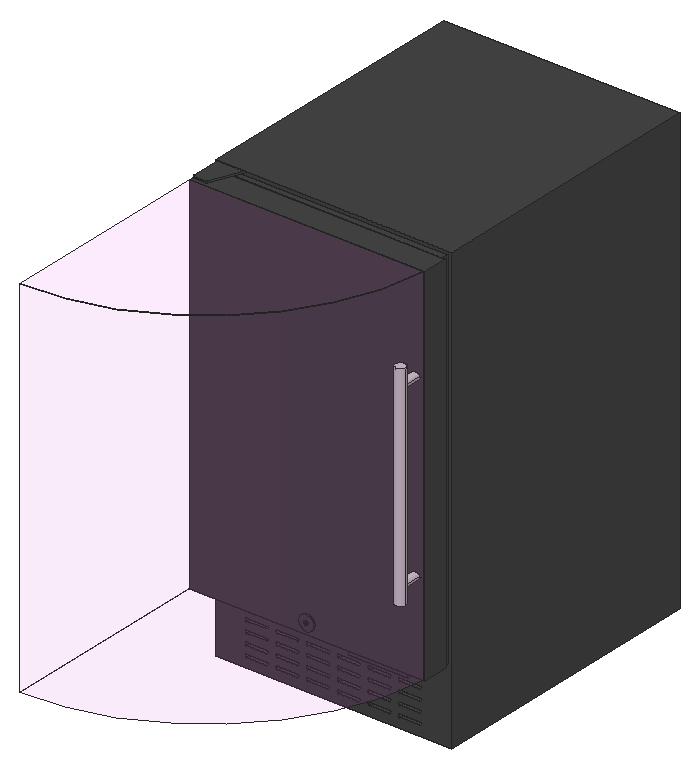
Revit family "Qf_Summit_SCFF1842_18 inches Built-In All-Freezer", category Specialty Equipment, Revit 2020
Family settings
  Round Connector Dimension = Use Diameter
  Part Type = Normal
  Work Plane-Based = No
  Always vertical = Yes
  Cut with Voids When Loaded = No
  Shared = No
  Room Calculation Point = No
Parameters
  Weight in Pounds = 82
  Watts = FL Amps * Volts  # 143.75 W
  Volts = 115 V
  URL Cutsheet = ""
  Specification by User = ""
  Specification by Manufacturer = ""
  Show RHD [instance] = yes
  Show LHD [instance] = not(Show RHD)  # no
  Show Clearance [instance] = yes
  Serial Number = ""
  Seismic Rating = ""
  SMACNA No = ""
  Revision Code = ""
  Refrigerant Volume = 0.00 kip
  Refrigerant Type = "R600a"
  Phase = 1
  Number of Poles = 1
  NAFEM Spec ID Number = ""
  Model = "SCFF1842"
  Min Ckt Ampacity = 0 A
  Max Overcurrent Protection = 0 A
  Masterspec = ""
  Manufacturer = "Summit"
  Length = 17 3/4"
  Item Number = ""
  Installed By = ""
  Identify Quantity as Lot = yes
  Height = 34 1/4"
  HP = ""
  Furnished By = ""
  Foodservice Equipment Identifier = yes
  FL Amps = 1.25 A
  Electrical Remarks = ""
  Electric Connection Type = ""
  Elec Conn RI Height = 0"
  Elec Conn Connection Height = 0"
  Description = "18\" Built-In All-Freezer"
  Depth = 24"
  Default Elevation = 0"
  Cycle = 60 Hz
  Conn Plug = ""
  Conn Conduit = yes
  CSI MasterFormat = ""
  Apparent Power = 828 VA
Reference planes (in)
  plane 1: z = 0
  plane 2 "LEFT": x = 0
  plane 3 "RIGHT": x = 17.75
  plane 4 "FRONT": y = -24.75
  plane 5 "TOP": z = 34.25
  plane 6 "Center Y": x = 8.875
  plane 7 "Center X": y = -12.75
  plane 8 "BACK": y = -0.75
  plane 9: x = 3.71343
  plane 10: x = 6.4375
  plane 11: y = -40.75
  plane 12: z = 34
  plane 13: z = 0.75
  plane 14: y = -22.25
  plane 15: y = -26.5
  plane 16: z = 6.375
Forms (in)
  Extrusion 1, solid, material "QF_Metal_Stainless_Polished", visible <- "Show LHD"
    sketch origin (0, 0, 0) x (1, 0, 0) y (0, 1, 0)
      loop
        circle (0.75, -26.125) r 0.375
    from 12 to 28
  Extrusion 2, solid, material "QF_Metallic_Paint_Black_Glossy", visible <- "Show LHD"
    sketch origin (0, 0, 0) x (1, 0, 0) y (0, 1, 0)
      loop
        line (15.62771, -22.25) -> (16.58839, -24.50301)
        arc (16.58839, -24.50301) -> (16.63387, -24.54662) -> (16.69485, -24.5625) r 0.125
        line (16.69485, -24.5625) -> (17.5, -24.5625)
        arc (17.5, -24.5625) -> (17.58839, -24.52589) -> (17.625, -24.4375) r 0.125
        line (17.625, -24.4375) -> (17.625, -22.25) -> (15.62771, -22.25)
    from 34.125 to 34.25
  Extrusion 3, solid, material "QF_Metallic_Paint_Black_Glossy"
    sketch origin (0, 0, 0) x (1, 0, 0) y (0, 1, 0)
      loop
        line (17.75, -22.75) -> (0, -22.75) -> (0, -24.75) -> (17.75, -24.75) -> (17.75, -22.75)
    from 6.375 to 34
  Extrusion 4, solid, material "QF_Metallic_Paint_Black_Glossy"
    sketch origin (0, 0, 0) x (1, 0, 0) y (0, 1, 0)
      loop
        line (0.25, -22.25) -> (0.25, -22.75) -> (17.4375, -22.75) -> (17.4375, -22.25) -> (0.25, -22.25)
    from 6.375 to 34
  Extrusion 5, solid, material "QF_Metallic_Paint_Black_Glossy"
    sketch origin (0, 0, 0) x (1, 0, 0) y (0, 1, 0)
      loop
        line (0, -22.25) -> (17.75, -22.25) -> (17.75, -0.75) -> (0, -0.75) -> (0, -22.25)
    from 0.75 to 34.25
  Extrusion 6, solid, material "QF_Metallic_Paint_Black_Glossy"
    sketch origin (0, -24.75, 0) x (1, 0, 0) y (0, 0, 1)
      loop
        circle (8.875, 7.23009) r 0.5625
      loop
        circle (8.875, 7.23009) r 0.1875
      loop
        circle (8.875, 7.23009) r 0.0625
    from 0 to 0.08179
  Extrusion 7, solid, material "QF_Metal_Stainless_Polished", visible <- "Show LHD"
    sketch origin (0, -23.13793, 0) x (1, 0, 0) y (0, 0, 1)
      loop
        circle (0.7243, 13.25) r 0.28125
      loop
        circle (0.7243, 26.75) r 0.28125
    from 0 to 2.96171
  Revolve 8, solid
    sketch origin (0, -20.13793, 0) x (1, 0, 0) y (0, 0, 1)
      loop
        line (1.75, 0.75) -> (1.75, 0) -> (2.31582, 0) -> (2.37311, 0.65625) -> (1.9375, 0.65625) -> (1.9375, 0.75) -> (1.75, 0.75)
      axis (1.75, 0) -> (1.75, 0.75)
    angle from 0 to 360
  Revolve 9, solid
    sketch origin (17.75, -20.13793, 0) x (-1, 0, 0) y (0, 0, -1)
      loop
        line (1.75, -0.75) -> (1.9375, -0.75) -> (1.9375, -0.65625) -> (2.37311, -0.65625) -> (2.31582, 0) -> (1.75, 0) -> (1.75, -0.75)
      axis (1.75, 0) -> (1.75, -0.75)
    angle from 0 to 360
  Revolve 10, solid
    sketch origin (0, -2.34707, 0) x (1, 0, 0) y (0, 0, 1)
      loop
        line (1.75, 0.75) -> (1.75, 0) -> (2.31582, 0) -> (2.37311, 0.65625) -> (1.9375, 0.65625) -> (1.9375, 0.75) -> (1.75, 0.75)
      axis (1.75, 0) -> (1.75, 0.75)
    angle from 0 to 360
  Revolve 11, solid
    sketch origin (17.75, -2.34707, 0) x (-1, 0, 0) y (0, 0, -1)
      loop
        line (1.75, -0.75) -> (1.9375, -0.75) -> (1.9375, -0.65625) -> (2.37311, -0.65625) -> (2.31582, 0) -> (1.75, 0) -> (1.75, -0.75)
      axis (1.75, 0) -> (1.75, -0.75)
    angle from 0 to 360
  Extrusion 12, solid, material "QF_Metallic_Paint_Black_Glossy"
    sketch origin (0, -22.25, 0) x (1, 0, 0) y (0, 0, 1)
      loop
        line (10, 5.625) -> (10, 4.375) -> (14.5, 4.375) -> (14.5, 5.625) -> (10, 5.625)
    from 0 to 0.03125
  Extrusion 13, void
    sketch origin (0, -22.25, 0) x (-1, 0, 0) y (0, 0, 1)
      loop
        arc (-2.34375, 5.53125) -> (-2.21875, 5.65625) -> (-2.34375, 5.78125) r 0.125
        line (-2.34375, 5.78125) -> (-3.84375, 5.78125)
        arc (-3.84375, 5.78125) -> (-3.96875, 5.65625) -> (-3.84375, 5.53125) r 0.125
        line (-3.84375, 5.53125) -> (-2.34375, 5.53125)
      loop
        arc (-3.84375, 4.96875) -> (-3.96875, 4.84375) -> (-3.84375, 4.71875) r 0.125
        line (-3.84375, 4.71875) -> (-2.34375, 4.71875)
        arc (-2.34375, 4.71875) -> (-2.21875, 4.84375) -> (-2.34375, 4.96875) r 0.125
        line (-2.34375, 4.96875) -> (-3.84375, 4.96875)
      loop
        arc (-2.34375, 3.90625) -> (-2.21875, 4.03125) -> (-2.34375, 4.15625) r 0.125
        line (-2.34375, 4.15625) -> (-3.84375, 4.15625)
        arc (-3.84375, 4.15625) -> (-3.96875, 4.03125) -> (-3.84375, 3.90625) r 0.125
        line (-3.84375, 3.90625) -> (-2.34375, 3.90625)
      loop
        arc (-2.34375, 3.09375) -> (-2.21875, 3.21875) -> (-2.34375, 3.34375) r 0.125
        line (-2.34375, 3.34375) -> (-3.84375, 3.34375)
        arc (-3.84375, 3.34375) -> (-3.96875, 3.21875) -> (-3.84375, 3.09375) r 0.125
        line (-3.84375, 3.09375) -> (-2.34375, 3.09375)
      loop
        arc (-2.34375, 2.28125) -> (-2.21875, 2.40625) -> (-2.34375, 2.53125) r 0.125
        line (-2.34375, 2.53125) -> (-3.84375, 2.53125)
        arc (-3.84375, 2.53125) -> (-3.96875, 2.40625) -> (-3.84375, 2.28125) r 0.125
        line (-3.84375, 2.28125) -> (-2.34375, 2.28125)
      loop
        arc (-2.34375, 1.46875) -> (-2.21875, 1.59375) -> (-2.34375, 1.71875) r 0.125
        line (-2.34375, 1.71875) -> (-3.84375, 1.71875)
        arc (-3.84375, 1.71875) -> (-3.96875, 1.59375) -> (-3.84375, 1.46875) r 0.125
        line (-3.84375, 1.46875) -> (-2.34375, 1.46875)
      loop
        arc (-4.65625, 5.53125) -> (-4.53125, 5.65625) -> (-4.65625, 5.78125) r 0.125
        line (-4.65625, 5.78125) -> (-6.15625, 5.78125)
        arc (-6.15625, 5.78125) -> (-6.28125, 5.65625) -> (-6.15625, 5.53125) r 0.125
        line (-6.15625, 5.53125) -> (-4.65625, 5.53125)
      loop
        arc (-6.15625, 4.96875) -> (-6.28125, 4.84375) -> (-6.15625, 4.71875) r 0.125
        line (-6.15625, 4.71875) -> (-4.65625, 4.71875)
        arc (-4.65625, 4.71875) -> (-4.53125, 4.84375) -> (-4.65625, 4.96875) r 0.125
        line (-4.65625, 4.96875) -> (-6.15625, 4.96875)
      loop
        arc (-4.65625, 3.90625) -> (-4.53125, 4.03125) -> (-4.65625, 4.15625) r 0.125
        line (-4.65625, 4.15625) -> (-6.15625, 4.15625)
        arc (-6.15625, 4.15625) -> (-6.28125, 4.03125) -> (-6.15625, 3.90625) r 0.125
        line (-6.15625, 3.90625) -> (-4.65625, 3.90625)
      loop
        arc (-4.65625, 3.09375) -> (-4.53125, 3.21875) -> (-4.65625, 3.34375) r 0.125
        line (-4.65625, 3.34375) -> (-6.15625, 3.34375)
        arc (-6.15625, 3.34375) -> (-6.28125, 3.21875) -> (-6.15625, 3.09375) r 0.125
        line (-6.15625, 3.09375) -> (-4.65625, 3.09375)
      loop
        arc (-4.65625, 2.28125) -> (-4.53125, 2.40625) -> (-4.65625, 2.53125) r 0.125
        line (-4.65625, 2.53125) -> (-6.15625, 2.53125)
        arc (-6.15625, 2.53125) -> (-6.28125, 2.40625) -> (-6.15625, 2.28125) r 0.125
        line (-6.15625, 2.28125) -> (-4.65625, 2.28125)
      loop
        arc (-4.65625, 1.46875) -> (-4.53125, 1.59375) -> (-4.65625, 1.71875) r 0.125
        line (-4.65625, 1.71875) -> (-6.15625, 1.71875)
        arc (-6.15625, 1.71875) -> (-6.28125, 1.59375) -> (-6.15625, 1.46875) r 0.125
        line (-6.15625, 1.46875) -> (-4.65625, 1.46875)
      loop
        arc (-6.96875, 5.53125) -> (-6.84375, 5.65625) -> (-6.96875, 5.78125) r 0.125
        line (-6.96875, 5.78125) -> (-8.46875, 5.78125)
        arc (-8.46875, 5.78125) -> (-8.59375, 5.65625) -> (-8.46875, 5.53125) r 0.125
        line (-8.46875, 5.53125) -> (-6.96875, 5.53125)
      loop
        arc (-8.46875, 4.96875) -> (-8.59375, 4.84375) -> (-8.46875, 4.71875) r 0.125
        line (-8.46875, 4.71875) -> (-6.96875, 4.71875)
        arc (-6.96875, 4.71875) -> (-6.84375, 4.84375) -> (-6.96875, 4.96875) r 0.125
        line (-6.96875, 4.96875) -> (-8.46875, 4.96875)
      loop
        arc (-6.96875, 3.90625) -> (-6.84375, 4.03125) -> (-6.96875, 4.15625) r 0.125
        line (-6.96875, 4.15625) -> (-8.46875, 4.15625)
        arc (-8.46875, 4.15625) -> (-8.59375, 4.03125) -> (-8.46875, 3.90625) r 0.125
        line (-8.46875, 3.90625) -> (-6.96875, 3.90625)
      loop
        arc (-6.96875, 3.09375) -> (-6.84375, 3.21875) -> (-6.96875, 3.34375) r 0.125
        line (-6.96875, 3.34375) -> (-8.46875, 3.34375)
        arc (-8.46875, 3.34375) -> (-8.59375, 3.21875) -> (-8.46875, 3.09375) r 0.125
        line (-8.46875, 3.09375) -> (-6.96875, 3.09375)
      loop
        arc (-6.96875, 2.28125) -> (-6.84375, 2.40625) -> (-6.96875, 2.53125) r 0.125
        line (-6.96875, 2.53125) -> (-8.46875, 2.53125)
        arc (-8.46875, 2.53125) -> (-8.59375, 2.40625) -> (-8.46875, 2.28125) r 0.125
        line (-8.46875, 2.28125) -> (-6.96875, 2.28125)
      loop
        arc (-6.96875, 1.46875) -> (-6.84375, 1.59375) -> (-6.96875, 1.71875) r 0.125
        line (-6.96875, 1.71875) -> (-8.46875, 1.71875)
        arc (-8.46875, 1.71875) -> (-8.59375, 1.59375) -> (-8.46875, 1.46875) r 0.125
        line (-8.46875, 1.46875) -> (-6.96875, 1.46875)
      loop
        arc (-9.28125, 3.90625) -> (-9.15625, 4.03125) -> (-9.28125, 4.15625) r 0.125
        line (-9.28125, 4.15625) -> (-10.78125, 4.15625)
        arc (-10.78125, 4.15625) -> (-10.90625, 4.03125) -> (-10.78125, 3.90625) r 0.125
        line (-10.78125, 3.90625) -> (-9.28125, 3.90625)
      loop
        arc (-9.28125, 3.09375) -> (-9.15625, 3.21875) -> (-9.28125, 3.34375) r 0.125
        line (-9.28125, 3.34375) -> (-10.78125, 3.34375)
        arc (-10.78125, 3.34375) -> (-10.90625, 3.21875) -> (-10.78125, 3.09375) r 0.125
        line (-10.78125, 3.09375) -> (-9.28125, 3.09375)
      loop
        arc (-9.28125, 2.28125) -> (-9.15625, 2.40625) -> (-9.28125, 2.53125) r 0.125
        line (-9.28125, 2.53125) -> (-10.78125, 2.53125)
        arc (-10.78125, 2.53125) -> (-10.90625, 2.40625) -> (-10.78125, 2.28125) r 0.125
        line (-10.78125, 2.28125) -> (-9.28125, 2.28125)
      loop
        arc (-9.28125, 1.46875) -> (-9.15625, 1.59375) -> (-9.28125, 1.71875) r 0.125
        line (-9.28125, 1.71875) -> (-10.78125, 1.71875)
        arc (-10.78125, 1.71875) -> (-10.90625, 1.59375) -> (-10.78125, 1.46875) r 0.125
        line (-10.78125, 1.46875) -> (-9.28125, 1.46875)
      loop
        arc (-11.59375, 3.90625) -> (-11.46875, 4.03125) -> (-11.59375, 4.15625) r 0.125
        line (-11.59375, 4.15625) -> (-13.09375, 4.15625)
        arc (-13.09375, 4.15625) -> (-13.21875, 4.03125) -> (-13.09375, 3.90625) r 0.125
        line (-13.09375, 3.90625) -> (-11.59375, 3.90625)
      loop
        arc (-11.59375, 3.09375) -> (-11.46875, 3.21875) -> (-11.59375, 3.34375) r 0.125
        line (-11.59375, 3.34375) -> (-13.09375, 3.34375)
        arc (-13.09375, 3.34375) -> (-13.21875, 3.21875) -> (-13.09375, 3.09375) r 0.125
        line (-13.09375, 3.09375) -> (-11.59375, 3.09375)
      loop
        arc (-11.59375, 2.28125) -> (-11.46875, 2.40625) -> (-11.59375, 2.53125) r 0.125
        line (-11.59375, 2.53125) -> (-13.09375, 2.53125)
        arc (-13.09375, 2.53125) -> (-13.21875, 2.40625) -> (-13.09375, 2.28125) r 0.125
        line (-13.09375, 2.28125) -> (-11.59375, 2.28125)
      loop
        arc (-11.59375, 1.46875) -> (-11.46875, 1.59375) -> (-11.59375, 1.71875) r 0.125
        line (-11.59375, 1.71875) -> (-13.09375, 1.71875)
        arc (-13.09375, 1.71875) -> (-13.21875, 1.59375) -> (-13.09375, 1.46875) r 0.125
        line (-13.09375, 1.46875) -> (-11.59375, 1.46875)
      loop
        arc (-13.90625, 3.90625) -> (-13.78125, 4.03125) -> (-13.90625, 4.15625) r 0.125
        line (-13.90625, 4.15625) -> (-15.40625, 4.15625)
        arc (-15.40625, 4.15625) -> (-15.53125, 4.03125) -> (-15.40625, 3.90625) r 0.125
        line (-15.40625, 3.90625) -> (-13.90625, 3.90625)
      loop
        arc (-13.90625, 3.09375) -> (-13.78125, 3.21875) -> (-13.90625, 3.34375) r 0.125
        line (-13.90625, 3.34375) -> (-15.40625, 3.34375)
        arc (-15.40625, 3.34375) -> (-15.53125, 3.21875) -> (-15.40625, 3.09375) r 0.125
        line (-15.40625, 3.09375) -> (-13.90625, 3.09375)
      loop
        arc (-13.90625, 2.28125) -> (-13.78125, 2.40625) -> (-13.90625, 2.53125) r 0.125
        line (-13.90625, 2.53125) -> (-15.40625, 2.53125)
        arc (-15.40625, 2.53125) -> (-15.53125, 2.40625) -> (-15.40625, 2.28125) r 0.125
        line (-15.40625, 2.28125) -> (-13.90625, 2.28125)
      loop
        arc (-13.90625, 1.46875) -> (-13.78125, 1.59375) -> (-13.90625, 1.71875) r 0.125
        line (-13.90625, 1.71875) -> (-15.40625, 1.71875)
        arc (-15.40625, 1.71875) -> (-15.53125, 1.59375) -> (-15.40625, 1.46875) r 0.125
        line (-15.40625, 1.46875) -> (-13.90625, 1.46875)
    from 0 to 0.33074
  Extrusion 14, solid, material "QF_Metallic_Paint_Black_Glossy"
    sketch origin (0, -0.75, 0) x (1, 0, 0) y (0, 0, 1)
      loop
        circle (14.75, 1.71875) r 0.25
    from 0 to -0.11613
  Extrusion 15, solid, material "QF_Clearances_Door_Drawer", visible <- "Show LHD"
    sketch origin (0, 0, 0) x (1, 0, 0) y (0, 1, 0)
      loop
        arc (0.08648, -24.75) -> (5.83362, -36.15532) -> (17.75, -40.75) r 17.75
        line (17.75, -40.75) -> (17.75, -24.75) -> (0.08648, -24.75)
    from 6.375 to 34
  Extrusion 16, solid, material "QF_Clearances_Door_Drawer", visible <- "Show RHD"
    sketch origin (17.75, 0, 0) x (-1, 0, 0) y (0, -1, 0)
      loop
        line (0.08648, 24.75) -> (17.75, 24.75) -> (17.75, 40.75)
        arc (17.75, 40.75) -> (5.83362, 36.15532) -> (0.08648, 24.75) r 17.75
    from 6.375 to 34
  Extrusion 17, solid, material "QF_Metal_Stainless_Polished", visible <- "Show RHD"
    sketch origin (17.75, 0, 0) x (-1, 0, 0) y (0, -1, 0)
      loop
        circle (0.75, 26.125) r 0.375
    from 12 to 28
  Extrusion 18, solid, material "QF_Metal_Stainless_Polished", visible <- "Show RHD"
    sketch origin (17.75, -23.13793, 0) x (-1, 0, 0) y (0, 0, -1)
      loop
        circle (0.7243, -13.25) r 0.28125
      loop
        circle (0.7243, -26.75) r 0.28125
    from 0 to 2.96171
  Extrusion 19, solid, material "QF_Metallic_Paint_Black_Glossy", visible <- "Show RHD"
    sketch origin (17.75, 0, 0) x (-1, 0, 0) y (0, -1, 0)
      loop
        line (15.62771, 22.25) -> (17.625, 22.25) -> (17.625, 24.4375)
        arc (17.625, 24.4375) -> (17.58839, 24.52589) -> (17.5, 24.5625) r 0.125
        line (17.5, 24.5625) -> (16.69485, 24.5625)
        arc (16.69485, 24.5625) -> (16.63387, 24.54662) -> (16.58839, 24.50301) r 0.125
        line (16.58839, 24.50301) -> (15.62771, 22.25)
    from 34.125 to 34.25
Cuts and joins
  joined: Extrusion 3, Extrusion 6
  joined: Extrusion 1, Extrusion 7
  Extrusion 13 cuts Extrusion 5
  joined: Extrusion 5, Extrusion 14
Lines and regions (in)
  Split face 1
    outline origin (0, -22.28125, 0) x (1, 0, 0) y (0, 0, 1)
      loop
        line (11.625, 5.3125) -> (11.625, 4.6875) -> (12.875, 4.6875) -> (12.875, 5.3125) -> (11.625, 5.3125)
  Split face 2
    outline origin (0, -22.28125, 0) x (1, 0, 0) y (0, 0, 1)
      loop
        circle (11.25, 5) r 0.25
  Split face 3
    outline origin (0, -22.28125, 0) x (1, 0, 0) y (0, 0, 1)
      loop
        circle (11.25, 5) r 0.15625
  Split face 4
    outline origin (0, -22.28125, 0) x (1, 0, 0) y (0, 0, 1)
      loop
        line (11.1554, 5.37891) -> (11.3446, 5.37891) -> (11.25, 5.54277) -> (11.1554, 5.37891)
  Split face 5
    outline origin (0, -22.28125, 0) x (1, 0, 0) y (0, 0, 1)
      loop
        circle (10.625, 5) r 0.25
  Split face 6
    outline origin (0, -22.28125, 0) x (1, 0, 0) y (0, 0, 1)
      loop
        circle (10.625, 5) r 0.15625
  Split face 7
    outline origin (2.625, -22.28125, 0) x (1, 0, 0) y (0, 0, 1)
      loop
        circle (11.25, 5) r 0.25
  Split face 8
    outline origin (2.625, -22.28125, 0) x (1, 0, 0) y (0, 0, 1)
      loop
        circle (11.25, 5) r 0.15625
  Split face 9
    outline origin (2.625, -22.28125, 0) x (1, 0, 0) y (0, 0, 1)
      loop
        circle (10.625, 5) r 0.25
  Split face 10
    outline origin (2.625, -22.28125, 0) x (1, 0, 0) y (0, 0, 1)
      loop
        circle (10.625, 5) r 0.15625
  Split face 11
    outline origin (0, -22.28125, 0) x (1, 0, 0) y (0, 0, 1)
      loop
        line (13.1554, 5.49609) -> (13.25, 5.33223) -> (13.3446, 5.49609) -> (13.1554, 5.49609)
  Split face 12
    outline origin (0, -22.28125, 0) x (1, 0, 0) y (0, 0, 1)
      loop
        line (13.89001, 5.56369) -> (13.85744, 5.56369) -> (13.85744, 5.3125) -> (13.89001, 5.3125) -> (13.89001, 5.56369)
  Split face 13
    outline origin (0, -22.28125, 0) x (1, 0, 0) y (0, 0, 1)
      loop
        line (10.62027, 4.66152) -> (10.62967, 4.57508) -> (10.55048, 4.61034) -> (10.53595, 4.56282) -> (10.61822, 4.54383) -> (10.56174, 4.48109) -> (10.60217, 4.45171) -> (10.64503, 4.52904) -> (10.69282, 4.44952) -> (10.73111, 4.48164) -> (10.66804, 4.54471) -> (10.7612, 4.56282) -> (10.74198, 4.6081) -> (10.65975, 4.5732) -> (10.6706, 4.66152) -> (10.62027, 4.66152)
  symbolic lines, visible <- "Show LHD"
    curve 1: arc (1.125, -26.125, 0) -> (0.75, -25.75, 0) -> (0.375, -26.125, 0) r 0.375
    curve 2: arc (0.375, -26.125, 0) -> (0.75, -26.5, 0) -> (1.125, -26.125, 0) r 0.375
    curve 7: line (0.25, -22.25, 0) -> (0.25, -22.75, 0)
    curve 8: line (15.84091, -22.75, 0) -> (0, -22.75, 0)
    curve 9: line (15.64103, -22.28125, 0) -> (16.58839, -24.50301, 0)
    curve 10: arc (16.58839, -24.50301, 0) -> (16.63387, -24.54662, 0) -> (16.69485, -24.5625, 0) r 0.125
    curve 11: line (16.69485, -24.5625, 0) -> (17.5, -24.5625, 0)
    curve 12: arc (17.5, -24.5625, 0) -> (17.58839, -24.52589, 0) -> (17.625, -24.4375, 0) r 0.125
    curve 13: line (17.625, -24.4375, 0) -> (17.625, -22.25, 0)
    curve 18: line (0.44266, -24.75, 0) -> (0.44266, -25.91013, 0)
    curve 19: line (1.0049, -24.75, 0) -> (1.0049, -25.84995, 0)
  symbolic lines
    curve 3: line (0, -24.75, 0) -> (17.75, -24.75, 0)
    curve 4: line (17.75, -24.75, 0) -> (17.75, -22.75, 0)
    curve 5: line (17.75, -22.75, 0) -> (17.625, -22.75, 0)
    curve 6: line (0, -22.75, 0) -> (0, -24.75, 0)
    curve 14: line (0, -22.25, 0) -> (17.75, -22.25, 0)
    curve 15: line (17.75, -22.25, 0) -> (17.75, -0.75, 0)
    curve 16: line (17.75, -0.75, 0) -> (0, -0.75, 0)
    curve 17: line (0, -0.75, 0) -> (0, -22.25, 0)
  symbolic lines, style "QF_Clearances_Door_Drawer", visible <- "Show LHD"
    curve 20: arc (0.08648, -24.75, 0) -> (1.10011, -29.15173, 0) -> (3.19196, -33.15509, 0) r 17.75
    curve 21: line (3.19196, -33.15509, 0) -> (17.75, -24.75, 0)
  symbolic lines, style "QF_Clearances_Door_Drawer", visible <- "Show RHD"
    curve 22: arc (17.66352, -24.75, 0) -> (16.64989, -29.15173, 0) -> (14.55804, -33.15509, 0) r 17.75
    curve 23: line (14.55804, -33.15509, 0) -> (0, -24.75, 0)
  symbolic lines, visible <- "Show RHD"
    curve 24: arc (16.625, -26.125, 0) -> (17, -25.75, 0) -> (17.375, -26.125, 0) r 0.375
    curve 25: arc (17.375, -26.125, 0) -> (17, -26.5, 0) -> (16.625, -26.125, 0) r 0.375
    curve 26: line (17.30734, -24.75, 0) -> (17.30734, -25.91013, 0)
    curve 27: line (16.7451, -24.75, 0) -> (16.7451, -25.84995, 0)
    curve 28: line (17.5, -22.25, 0) -> (17.5, -22.75, 0)
    curve 29: line (1.90909, -22.75, 0) -> (17.75, -22.75, 0)
    curve 30: line (2.10897, -22.28125, 0) -> (1.16161, -24.50301, 0)
    curve 31: arc (1.16161, -24.50301, 0) -> (1.11613, -24.54662, 0) -> (1.05515, -24.5625, 0) r 0.125
    curve 32: line (1.05515, -24.5625, 0) -> (0.25, -24.5625, 0)
    curve 33: arc (0.25, -24.5625, 0) -> (0.16161, -24.52589, 0) -> (0.125, -24.4375, 0) r 0.125
    curve 34: line (0.125, -24.4375, 0) -> (0.125, -22.25, 0)
Dimensions and locks (in)
  equal spacing: plane 2 "LEFT", plane 6 "Center Y", plane 3 "RIGHT"
  "Length": plane 2 "LEFT" to plane 3 "RIGHT"
  equal spacing: plane 4 "FRONT", plane 7 "Center X", plane 8 "BACK"
  "Height": plane 5 "TOP" to level
  plane 3 "RIGHT" to plane 2 "LEFT" = 17 3/4"
  plane 5 "TOP" to level = 34 1/4"  (x2)
  "Depth": plane 4 "FRONT" to plane 8 "BACK"
  locked: plane 9 to plane 2 "LEFT" at 3.71343
  locked: plane 3 "RIGHT" to plane 10 at 11.3125
  plane 11 to plane 8 "BACK" = 40"
  plane 13 to level = 3/4"
  plane 5 "TOP" to plane 12 = 1/4"
  plane 14 to plane 8 "BACK" = 21 1/2"
  locked: plane 15 to plane 4 "FRONT" at 1.75
  aligned and locked: level to plane 1
  aligned and locked: Extrusion 5 to plane 13
  aligned and locked: Extrusion 2 to plane 14
  aligned and locked: Extrusion 15 to plane 12
  aligned and locked: Extrusion 15 to Extrusion 4
Automatic sketch dimensions
  plane 14 to Extrusion 2 sketch curve = 0"
  plane 3 "RIGHT" to Extrusion 2 sketch curve = 2.12229"
  Extrusion 2 sketch curve to plane 4 "FRONT" = 0.24699"
  plane 3 "RIGHT" to Extrusion 2 sketch curve = 1.16161"
  Extrusion 2 sketch curve to Extrusion 2 sketch curve = 0.10646"
  plane 3 "RIGHT" to Extrusion 2 sketch curve = 1/4"
  plane 3 "RIGHT" to Extrusion 2 sketch curve = 1/8"
  Extrusion 2 sketch curve to plane 4 "FRONT" = 3/16"
  Extrusion 3 sketch curve to plane 2 "LEFT" = 0"
  Extrusion 3 sketch curve to plane 3 "RIGHT" = 0"
  plane 4 "FRONT" to Extrusion 3 sketch curve = 0"
  plane 14 to Extrusion 3 sketch curve = 1/2"
  plane 14 to Extrusion 4 sketch curve = 0"
  plane 2 "LEFT" to Extrusion 4 sketch curve = 1/4"
  plane 3 "RIGHT" to Extrusion 4 sketch curve = 5/16"
  Extrusion 4 sketch curve to Extrusion 4 sketch curve = 1/2"
  Extrusion 5 sketch curve to plane 2 "LEFT" = 0"
  Extrusion 5 sketch curve to plane 3 "RIGHT" = 0"
  plane 14 to Extrusion 5 sketch curve = 0"
  plane 8 "BACK" to Extrusion 5 sketch curve = 0"
  Extrusion 6 sketch curve to Extrusion 6 sketch curve = 0"  (x6)
  Extrusion 3 to Extrusion 6 sketch curve = 0.85509"
  Extrusion 3 to Extrusion 6 sketch curve = 8 7/8"
  Revolve 8 sketch curve to plane 13 = 0"  (x2)
  Revolve 8 sketch curve to level = 0"
  plane 2 "LEFT" to Revolve 8 sketch curve = 1 3/4"
  Revolve 8 sketch curve to plane 13 = 3/32"
  Revolve 8 sketch curve to Revolve 8 sketch curve = 3/16"
  Revolve 8 sketch curve to Revolve 8 sketch curve = 0.56582"
  Revolve 8 sketch curve to Revolve 8 sketch curve = 0.43561"
  Revolve 8 sketch curve to Revolve 8 sketch curve = 0"
  plane 13 to Revolve 8 sketch curve = 0.1957"
  Revolve 9 sketch curve to plane 13 = 0"  (x2)
  Revolve 9 sketch curve to level = 0"
  plane 3 "RIGHT" to Revolve 9 sketch curve = 1 3/4"
  Revolve 9 sketch curve to plane 13 = 3/32"
  Revolve 9 sketch curve to Revolve 9 sketch curve = 3/16"
  Revolve 9 sketch curve to Revolve 9 sketch curve = 0.56582"
  Revolve 9 sketch curve to Revolve 9 sketch curve = 0.43561"
  Revolve 9 sketch curve to Revolve 9 sketch curve = 0"
  plane 13 to Revolve 9 sketch curve = 0.1957"
  Revolve 10 sketch curve to plane 13 = 0"  (x2)
  Revolve 10 sketch curve to level = 0"
  plane 2 "LEFT" to Revolve 10 sketch curve = 1 3/4"
  Revolve 10 sketch curve to plane 13 = 3/32"
  Revolve 10 sketch curve to Revolve 10 sketch curve = 3/16"
  Revolve 10 sketch curve to Revolve 10 sketch curve = 0.56582"
  Revolve 10 sketch curve to Revolve 10 sketch curve = 0.43561"
  Revolve 10 sketch curve to Revolve 10 sketch curve = 0"
  plane 13 to Revolve 10 sketch curve = 0.1957"
  Revolve 11 sketch curve to plane 13 = 0"  (x2)
  Revolve 11 sketch curve to level = 0"
  plane 3 "RIGHT" to Revolve 11 sketch curve = 1 3/4"
  Revolve 11 sketch curve to plane 13 = 3/32"
  Revolve 11 sketch curve to Revolve 11 sketch curve = 3/16"
  Revolve 11 sketch curve to Revolve 11 sketch curve = 0.56582"
  Revolve 11 sketch curve to Revolve 11 sketch curve = 0.43561"
  Revolve 11 sketch curve to Revolve 11 sketch curve = 0"
  plane 13 to Revolve 11 sketch curve = 0.1957"
  Extrusion 5 to Extrusion 12 sketch curve = 7 3/4"
  Extrusion 5 to Extrusion 12 sketch curve = 3 1/4"
  Extrusion 5 to Extrusion 12 sketch curve = 3 5/8"
  Extrusion 12 sketch curve to Extrusion 12 sketch curve = 1 1/4"
  Extrusion 13 sketch curve to Extrusion 5 = 2 11/32"  (x2)
  Extrusion 13 sketch curve to Extrusion 5 = 23/32"  (x6)
  Extrusion 13 sketch curve to Extrusion 13 sketch curve = 0"  (x42)
  Extrusion 13 sketch curve to Extrusion 13 sketch curve = 1 1/2"  (x6)
  Extrusion 13 sketch curve to Extrusion 13 sketch curve = 13/16"  (x10)
  Extrusion 13 sketch curve to Extrusion 13 sketch curve = 1/8"  (x30)
  Extrusion 13 sketch curve to Extrusion 13 sketch curve = 9/16"  (x24)
  Split face 1 sketch curve to Extrusion 12 = 5/16"  (x2)
  Split face 1 sketch curve to Extrusion 12 = 1 5/8"
  Split face 1 sketch curve to Split face 1 sketch curve = 1 1/4"
  Split face 2 sketch curve to Extrusion 12 = 5/8"
  Split face 2 sketch curve to Extrusion 12 = 1 1/4"
  Split face 3 sketch curve to Extrusion 12 = 5/8"
  Split face 3 sketch curve to Extrusion 12 = 1 1/4"
  Split face 4 sketch curve to Extrusion 12 = 63/256"
  Split face 4 sketch curve to Extrusion 12 = 1.1554"
  Split face 4 sketch curve to Extrusion 12 = 0.08223"
  Split face 4 sketch curve to Split face 4 sketch curve = 0.0946"  (x2)
  Split face 5 sketch curve to Extrusion 12 = 5/8"  (x2)
  Split face 6 sketch curve to Extrusion 12 = 5/8"  (x2)
  Split face 7 sketch curve to Extrusion 12 = 5/8"  (x2)
  Split face 8 sketch curve to Extrusion 12 = 5/8"  (x2)
  Split face 9 sketch curve to Extrusion 12 = 5/8"
  Split face 9 sketch curve to Extrusion 12 = 1 1/4"
  Split face 10 sketch curve to Extrusion 12 = 5/8"
  Split face 10 sketch curve to Extrusion 12 = 1 1/4"
  Split face 11 sketch curve to Extrusion 12 = 33/256"
  Split face 11 sketch curve to Extrusion 12 = 1.3446"
  Split face 11 sketch curve to Extrusion 12 = 0.29277"
  Split face 11 sketch curve to Split face 11 sketch curve = 0.0946"
  Split face 11 sketch curve to Split face 11 sketch curve = 0.18921"
  Split face 12 sketch curve to Extrusion 12 = 0.06131"
  Split face 12 sketch curve to Extrusion 12 = 0.64256"
  Split face 12 sketch curve to Split face 12 sketch curve = 0.03257"
  Split face 12 sketch curve to Split face 12 sketch curve = 0.25119"
  Split face 13 sketch curve to Extrusion 12 = 0.18782"  (x2)
  Split face 13 sketch curve to Extrusion 12 = 0.53595"
  Split face 13 sketch curve to Extrusion 12 = 0.23534"
  Split face 13 sketch curve to Split face 13 sketch curve = 0.01453"
  Split face 13 sketch curve to Extrusion 12 = 0.10609"
  Split face 13 sketch curve to Split face 13 sketch curve = 0.02579"
  Split face 13 sketch curve to Extrusion 12 = 0.07671"
  Split face 13 sketch curve to Split face 13 sketch curve = 0.04044"
  Split face 13 sketch curve to Extrusion 12 = 0.16883"
  Split face 13 sketch curve to Split face 13 sketch curve = 0.05649"
  Split face 13 sketch curve to Split face 13 sketch curve = 0.06979"
  Split face 13 sketch curve to Extrusion 12 = 0.20008"
  Split face 13 sketch curve to Split face 13 sketch curve = 0.01145"
  Split face 13 sketch curve to Extrusion 12 = 0.15404"
  Split face 13 sketch curve to Split face 13 sketch curve = 0.02681"
  Split face 13 sketch curve to Extrusion 12 = 0.1982"
  Split face 13 sketch curve to Split face 13 sketch curve = 0.03008"
  Split face 13 sketch curve to Extrusion 12 = 0.16971"
  Split face 13 sketch curve to Split face 13 sketch curve = 0.02301"
  Split face 13 sketch curve to Extrusion 12 = 0.28652"
  Split face 13 sketch curve to Split face 13 sketch curve = 0.05032"
  Split face 13 sketch curve to Extrusion 12 = 0.07452"
  Split face 13 sketch curve to Split face 13 sketch curve = 0.09065"
  Split face 13 sketch curve to Extrusion 12 = 0.10664"
  Split face 13 sketch curve to Split face 13 sketch curve = 0.03829"
  Split face 13 sketch curve to Extrusion 12 = 0.2331"
  Split face 13 sketch curve to Split face 13 sketch curve = 0.07138"
  plane 4 "FRONT" to Extrusion 15 sketch curve = 0"
  Extrusion 15 sketch curve to plane 3 "RIGHT" = 0"
  plane 11 to Extrusion 15 sketch curve = 0"
  plane 2 "LEFT" to Extrusion 15 sketch curve = 0.08648"
  plane 4 "FRONT" to Extrusion 16 sketch curve = 0"
  Extrusion 16 sketch curve to plane 2 "LEFT" = 0"
  plane 11 to Extrusion 16 sketch curve = 0"
  Extrusion 16 sketch curve to plane 3 "RIGHT" = 0.08648"
  plane 15 to Extrusion 17 sketch curve = 3/8"
  Extrusion 17 sketch curve to plane 3 "RIGHT" = 3/4"
  plane 3 "RIGHT" to Extrusion 18 sketch curve = 0.7243"  (x2)
  plane 12 to Extrusion 18 sketch curve = 7 1/4"
  plane 16 to Extrusion 18 sketch curve = 6 7/8"
  plane 14 to Extrusion 19 sketch curve = 0"
  plane 9 to Extrusion 19 sketch curve = 1.59114"
  plane 4 "FRONT" to Extrusion 19 sketch curve = 0.24699"
  Extrusion 19 sketch curve to plane 2 "LEFT" = 1.16161"
  Extrusion 19 sketch curve to Extrusion 19 sketch curve = 0.10646"
  Extrusion 19 sketch curve to plane 2 "LEFT" = 1/4"
  Extrusion 19 sketch curve to plane 2 "LEFT" = 1/8"
  plane 4 "FRONT" to Extrusion 19 sketch curve = 3/16"
  curve 14 to plane 2 "LEFT" = 0"
  curve 8 to plane 2 "LEFT" = 0"
  curve 22 to plane 2 "LEFT" = 0"
  plane 4 "FRONT" to curve 20 = 0"
  plane 14 to curve 34 = 0"
  curve 14 to plane 3 "RIGHT" = 0"
  curve 20 to plane 3 "RIGHT" = 0"
  curve 29 to plane 3 "RIGHT" = 0"
  plane 8 "BACK" to curve 16 = 0"
  plane 2 "LEFT" to curve 34 = 1/8"
  curve 33 to curve 32 = 1/8"
  curve 2 to plane 15 = 3/8"
  plane 2 "LEFT" to curve 2 = 3/4"
  curve 31 to plane 4 "FRONT" = 5/16"
  curve 33 to curve 31 = 0.80515"
  curve 30 to plane 4 "FRONT" = 0.24699"
  curve 32 to curve 30 = 0.10646"
  curve 21 to plane 9 = 0.52147"
  plane 3 "RIGHT" to curve 23 = 3.19196"
  curve 9 to plane 4 "FRONT" = 0.24699"
  plane 3 "RIGHT" to curve 9 = 1.16161"
  curve 9 to curve 10 = 0.10646"
  curve 25 to plane 15 = 3/8"
  plane 3 "RIGHT" to curve 25 = 3/4"
  plane 3 "RIGHT" to curve 12 = 1/4"
  plane 3 "RIGHT" to curve 13 = 1/8"
  plane 15 to curve 21 = 6.65509"
  plane 15 to curve 23 = 6.65509"
  curve 11 to plane 4 "FRONT" = 3/16"
  plane 14 to curve 20 = 3/4"
  curve 22 to curve 14 = 3/4"
  curve 20 to curve 5 = 1/4"
  curve 22 to curve 6 = 1/4"
  plane 2 "LEFT" to curve 7 = 1/4"
  curve 1 to curve 1 = 3/8"
  curve 1 to curve 18 = 0.06766"
  curve 19 to curve 1 = 0.1201"
  curve 7 to curve 29 = 1.65909"
  plane 14 to curve 30 = 1/32"
  plane 14 to curve 9 = 1/32"
  curve 9 to curve 13 = 1.98397"
  curve 25 to curve 24 = 3/8"
  curve 10 to curve 27 = 0.05025"
  curve 26 to curve 12 = 0.19266"
  curve 28 to curve 5 = 1/8"
  radius of Extrusion 6 sketch curve = 9/16"
  radius of Extrusion 6 sketch curve = 3/16"
  radius of Extrusion 6 sketch curve = 1/16"
  radius of Split face 2 sketch curve = 1/4"
  radius of Split face 3 sketch curve = 5/32"
  radius of Split face 5 sketch curve = 1/4"
  radius of Split face 6 sketch curve = 5/32"
  radius of Split face 7 sketch curve = 1/4"
  radius of Split face 8 sketch curve = 5/32"
  radius of Split face 9 sketch curve = 1/4"
  radius of Split face 10 sketch curve = 5/32"
  radius of Extrusion 17 sketch curve = 3/8"
  radius of Extrusion 18 sketch curve = 9/32"  (x2)
Connectors (in)
  electrical at (14.75, -0.63387, 1.71875)
    settings: on Extrusion 14, index 1, voltage 0 V, apparent load 0 VA, apparent load phase1 0 VA, apparent load phase2 0 VA, apparent load phase3 0 VA, power factor 1, load classification "Other", number of poles 1, system type 31, power factor state 1, is connector primary yes, connector utility no, sub classification motor no, connector description ""
